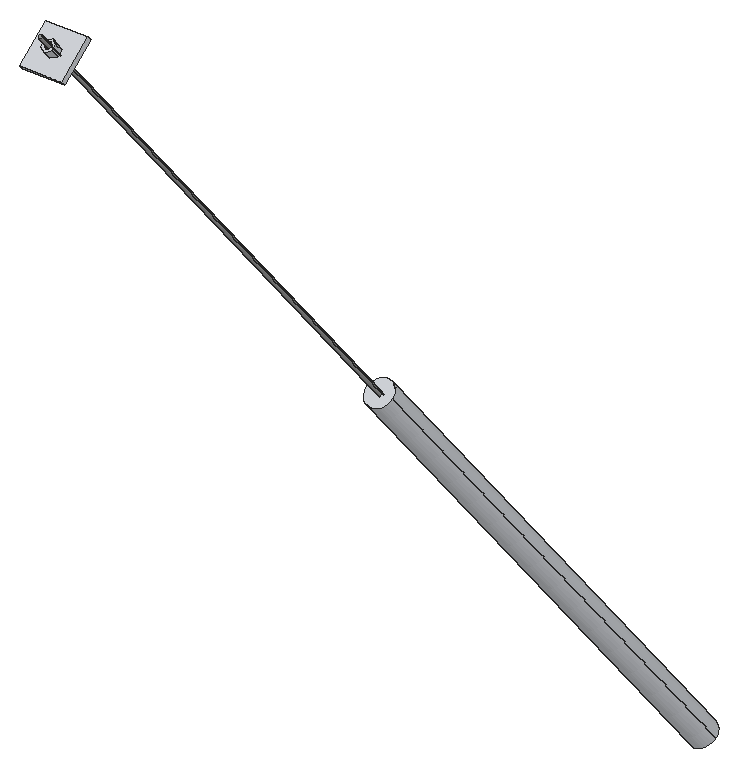
Revit family "FON-C-O-TiranteDywidag", category Irrigidimenti strutturali, Revit 2021
Family settings
  Basato su piano di lavoro = No
  Sempre verticale = No
  Taglio con vuoti quando caricato = No
  Condiviso = No
Parameters
  Volume Acciaio = Lunghezza Totale Tirante * ((3.14 * Diametro Barra Tirante * Diametro Barra Tirante) / 4)  # 0.0125135 m³
  Spessore piastra = 50 mm
  Rotazione Assi = 40.00°
  Prospetto di default = 0 mm
  Profondità Tirante = 12000 mm
  Mezza profondità piastra = 200 mm
  Mezza lunghezza piastra = 200 mm
  Lunghezza Totale Tirante = 12300 mm
  Lunghezza Iniezione = 6000 mm
  Diametro Iniezione = 260 mm
  Diametro Barra Tirante = 36 mm
  Altezza dado = 100 mm
  Acciaio Tirante Dywidag = Acciaio Barra Dywidag
Reference planes
  plane 1 "Center (Front/Back)": y = 0
  plane 2: z = 0
  plane 3 "Center (Left/Right)": x = 0
Lines and regions (mm)
  reference lines
    curve 1: line (0, 0, 0) -> (0, 8034.845, -9575.556)
    curve 2: line (0, -1915.111, -1606.969) -> (0, 0, 0)
Dimensions and locks
  locked: curve 1 to curve 2 (angle 90.00°)
  "Rotazione Assi": angle curve 2 to level
  aligned and locked: level to plane 2
  aligned and locked: plane 1 "Center (Front/Back)" to curve 1
  aligned and locked: plane 2 to curve 2
  aligned and locked: nested 1 to curve 2
Nested families
  nested 1: "FON-C-O-TiranteDywidag verticale" at (0, 0, 0) x (1, 0, 0) z (0, -0.6428, 0.766), Altezza dado <- "Altezza dado", Diametro barra tirante <- "Diametro Barra Tirante", Diametro iniezione <- "Diametro Iniezione", Linghezza iniezione <- "Lunghezza Iniezione", Lunghezza totale tirante <- "Lunghezza Totale Tirante", Profondità tirante <- "Profondità Tirante", Mezza larghezza piastra <- "Mezza lunghezza piastra", Mezza profondità piastra <- "Mezza profondità piastra", Spessore piastra <- "Spessore piastra", Acciaio Tirante Dywidag <- "Acciaio Tirante Dywidag", type "FON-C-O-TiranteDywidag verticale"
    with Spessore piastra 50 mm, Profondità tirante 12000 mm, Profondità piastra 500 mm, Mezza profondità piastra 200 mm, Mezza larghezza piastra 200 mm, Lunghezza totale tirante 12300 mm, Linghezza iniezione 6000 mm, Larghezza piastra 500 mm, Diametro iniezione 260 mm, Diametro barra tirante 36 mm, Altezza dado 100 mm, Acciaio Tirante Dywidag Acciaio Barra Dywidag
Definition of nested family "FON-C-O-TiranteDywidag verticale"
  Parameters (values of type "FON-C-O-TiranteDywidag verticale")
    Spessore piastra [instance] = 50 mm
    Default Elevation = 1219.2 mm
    Profondità piastra [instance] = 500 mm
    Mezza profondità piastra [instance] = 200 mm
    Mezza larghezza piastra [instance] = 200 mm
    Profondità tirante [instance] = 12000 mm
    Lunghezza totale tirante [instance] = 12300 mm
    Linghezza iniezione [instance] = 6000 mm
    Larghezza piastra [instance] = 500 mm
    Diametro iniezione [instance] = 260 mm
    Diametro barra tirante [instance] = 36 mm
    Altezza dado [instance] = 100 mm
    Acciaio Tirante Dywidag [instance] = none
  Reference planes
    plane 1 "Center (Front/Back)": y = 0
    plane 2: z = 0
    plane 3 "Center (Left/Right)": x = 0
    plane 4 "Fondo tirante": z = -12000
    plane 5 "Testa iniezione": z = -6000
    plane 6: z = 50
    plane 7 "Bordo Piastra Superiore": y = 200
    plane 8 "Bordo piastra destro": x = 200
    plane 9 "Borso piastra inferiore": y = -200
    plane 10 "Bordo piastra sinistro": x = -200
    plane 11: z = 150
    plane 12 "Lunghezza totale tirante": z = 300
  Forms (mm)
    Extrusion 1, solid, material <- "Acciaio Tirante Dywidag"
      sketch origin (0, 0, 0) x (1, 0, 0) y (0, 1, 0)
        loop
          circle (0, 0) r 18
      from 300 to -12000
    Extrusion 2, solid
      sketch origin (0, 0, 0) x (1, 0, 0) y (0, 1, 0)
        loop
          circle (0, 0) r 130
      from -6000 to -12000
    Extrusion 3, solid
      sketch origin (-40, -27.5, 0) x (1, 0, 0) y (0, 1, 0)
        loop
          line (-160, 227.5) -> (-160, -172.5) -> (240, -172.5) -> (240, 227.5) -> (-160, 227.5)
      from 0 to 50
    Extrusion 4, solid
      sketch origin (0, 0, 0) x (1, 0, 0) y (0, 1, 0)
        loop
          line (-30, -17.321) -> (0, -34.641) -> (30, -17.321) -> (30, 17.321) -> (0, 34.641) -> (-30, 17.321) -> (-30, -17.321)
        loop
          line (-51.962, -30) -> (0, -60) -> (51.962, -30) -> (51.962, 30) -> (0, 60) -> (-51.962, 30) -> (-51.962, -30)
      from 50 to 150
  Dimensions and locks
    "Profondità tirante": level to plane 4 "Fondo tirante"
    "Linghezza iniezione": plane 5 "Testa iniezione" to plane 4 "Fondo tirante"
    "Spessore piastra": plane 6 to level
    equal spacing: plane 10 "Bordo piastra sinistro", plane 3 "Center (Left/Right)", plane 8 "Bordo piastra destro"
    equal spacing: plane 7 "Bordo Piastra Superiore", plane 1 "Center (Front/Back)", plane 9 "Borso piastra inferiore"
    "Mezza profondità piastra": plane 3 "Center (Left/Right)" to plane 8 "Bordo piastra destro"
    "Mezza larghezza piastra": plane 1 "Center (Front/Back)" to plane 9 "Borso piastra inferiore"
    "Altezza dado": plane 11 to plane 6
    "Lunghezza totale tirante": plane 12 "Lunghezza totale tirante" to plane 4 "Fondo tirante"
    "Diametro barra tirante": diameter of Extrusion 1 sketch curve
    "Diametro iniezione": diameter of Extrusion 2 sketch curve
    aligned and locked: level to plane 2
    aligned and locked: Extrusion 1 to plane 4 "Fondo tirante"
    aligned and locked: plane 5 "Testa iniezione" to Extrusion 2
    aligned and locked: Extrusion 2 to plane 4 "Fondo tirante"
    aligned and locked: plane 6 to Extrusion 3
    aligned and locked: plane 7 "Bordo Piastra Superiore" to Extrusion 3  (x2)
    aligned and locked: Extrusion 3 to plane 8 "Bordo piastra destro"  (x2)
    aligned and locked: plane 9 "Borso piastra inferiore" to Extrusion 3
    aligned and locked: plane 10 "Bordo piastra sinistro" to Extrusion 3
    aligned and locked: plane 11 to Extrusion 4
    aligned and locked: Extrusion 3 to Extrusion 4
    aligned and locked: plane 12 "Lunghezza totale tirante" to Extrusion 1
  Automatic sketch dimensions
    Extrusion 3 sketch curve to plane 3 "Center (Left/Right)" = 200 mm
    plane 1 "Center (Front/Back)" to Extrusion 3 sketch curve = 200 mm
    plane 3 "Center (Left/Right)" to Extrusion 3 sketch curve = 200 mm
    Extrusion 3 sketch curve to plane 1 "Center (Front/Back)" = 200 mm
    Extrusion 4 sketch curve to plane 3 "Center (Left/Right)" = 0 mm  (x2)
    Extrusion 4 sketch curve to plane 3 "Center (Left/Right)" = 30 mm
    plane 3 "Center (Left/Right)" to Extrusion 4 sketch curve = 30 mm
    plane 1 "Center (Front/Back)" to Extrusion 4 sketch curve = 34.641 mm
    plane 1 "Center (Front/Back)" to Extrusion 4 sketch curve = 17.321 mm  (x2)
    Extrusion 4 sketch curve to plane 1 "Center (Front/Back)" = 17.321 mm  (x2)
    Extrusion 4 sketch curve to Extrusion 4 sketch curve = 17.321 mm
    plane 1 "Center (Front/Back)" to Extrusion 1 sketch curve = 0 mm
    Extrusion 1 sketch curve to plane 3 "Center (Left/Right)" = 0 mm
    plane 1 "Center (Front/Back)" to Extrusion 2 sketch curve = 0 mm
    Extrusion 2 sketch curve to plane 3 "Center (Left/Right)" = 0 mm
